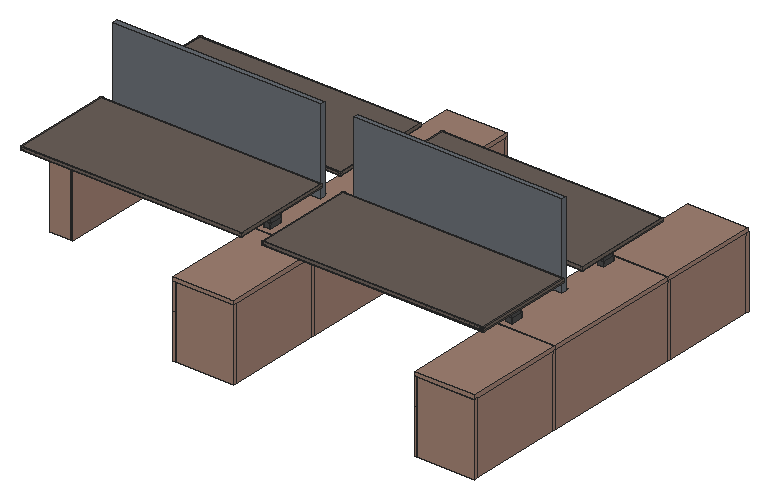
Revit family "T200195", category Furniture, Revit 2015
Parameters (values of type "T200195")
  URL = "https://ofs.com/"
  Staks Wire Manager = OFS STAKS PET Wire Manager Material
  Staks Height Worksurface Edge = OFS STAKS Edge Material
  Staks Height  Worksurface Venner = OFS STAKS Surface Material
  Staks Height  Worksurface 3d Laminate = OFS STAKS Laminate Material
  Staks Fabric Privacy Panel = OFS STAKS Tackable Fabric
  Staks Cross Surface = OFS STAKS Wood Grain Laminate Material
  Staks Cross Power Block Casing = OFS STAKS Power Block Casing Material
  Staks Cross Power Block = OFS STAKS Power Block Material
  Staks Cross Metal Conduit = OFS STAKS Power Jumper Conduit Material
  Staks Cross Duplex Receptacle = OFS STAKS Power Jumper Connector Material
  Staks Cross Bracket = OFS STAKS Power Jumper Connector Material
  Staks Box File top Material = OFS STAKS Board Material
  Staks Box File Leg Caps = OFS STAKS Leg Caps Material
  Staks Box File Drawer Handle = OFS STAKS Drawer Handle Metal
  Staks Box File Column = OFS STAKS Column Material
  Staks Box File Board = OFS STAKS Board Material
  Model = "T200195"
  Manufacturer = "OFS"
  Description = "OFS TYPICAL T200195"
  Copyright © = "©OFS 2020"
  Catalog = "https://ofs.com/2020-experience"
  Authoring Version = "Autodesk Revit Architecture 2015"
  Assembly Code = "E2020400"
Reference planes (in)
  plane 1 "Center Front/Back": y = 0
  plane 2: z = 0
  plane 3 "Center Left/Right": x = 0
Dimensions and locks (in)
  aligned and locked: level to plane 2
Nested families (in)
  nested 1: "STAKS BOX-FILE-OPEN SHELVES FLOOR STORAGE Left 30-36" at (80.92693, 31.25018, 0) x (0, -1, 0) z (0, 0, 1), type "STAKS BOX-FILE-OPEN SHELVES FLOOR STORAGE Left, 30in"
    with Table Height 27.75"
  nested 2: "STAKS BOX-FILE-OPEN SHELVES FLOOR STORAGE Left 30-36" at (8.92693, 31.25018, 0) x (0, -1, 0) z (0, 0, 1), type "STAKS BOX-FILE-OPEN SHELVES FLOOR STORAGE Left, 30in"
    with Table Height 27.75"
  nested 3: "STAKS BOX-FILE-OPEN SHELVES FLOOR STORAGE Right 30-36" at (8.92693, -40.74982, 0) x (0, -1, 0) z (0, 0, 1), type "STAKS BOX-FILE-OPEN SHELVES FLOOR STORAGE Right, 30in"
    with Table Height 27.75"
  nested 4: "STAKS BOX-FILE-OPEN SHELVES FLOOR STORAGE Right 30-36" at (80.92693, -40.74982, 0) x (0, -1, 0) z (0, 0, 1), type "STAKS BOX-FILE-OPEN SHELVES FLOOR STORAGE Right, 30in"
    with Table Height 27.75"
  nested 5: "STAKS HEIGHT ADJUSTABLE WORK GROUP PANEL BASE Dual User" at (-70.02705, -0.46731, 0) x (0, 1, 0) z (0, 0, 1), type "STAKS HEIGHT ADJUSTABLE WORK GROUP PANEL BASE Dual User"
    with Table Height 27.75"
  nested 6: "STAKS HEIGHT ADJUSTABLE WORK GROUP CABINET Dual User" at (80.92693, -0.49982, 0) x (0, -1, 0) z (0, 0, 1), type "STAKS HEIGHT ADJUSTABLE WORK GROUP CABINET Dual User"
    with Table Height 27.75"
  nested 7: "STAKS HEIGHT ADJUSTABLE WORK GROUP CABINET Double Sided Dual User" at (-9.07307, -0.49982, 0) x (0, 1, 0) z (0, 0, 1), type "STAKS HEIGHT ADJUSTABLE WORK GROUP CABINET Double Sided Dual User"
    with Table Height 27.75"
  nested 8: "STAKS FABRIC PRIVACY PANEL Tackable" at (-36.07307, -0.78116, 0.61875), type "STAKS FABRIC PRIVACY PANEL Tackable for 66in Worksurfaces."
    with Width 62.00"
  nested 9: "STAKS FABRIC PRIVACY PANEL Tackable" at (35.92692, -0.78116, 0.61875) x (-1, 0, 0) z (0, 0, 1), type "STAKS FABRIC PRIVACY PANEL Tackable for 66in Worksurfaces."
    with Width 62.00"
  nested 10: "STAKS HEIGHT ADJUSTABLE WORKSURFACE" at (-36.07141, -18.49811, 8), type "STAKS HEIGHT ADJUSTABLE WORKSURFACE 66x30"
    with PVC Edge yes, Height 21.00", 3D Laminate no
  nested 11: "STAKS HEIGHT ADJUSTABLE WORKSURFACE" at (36.07141, -18.49811, 8) x (-1, 0, 0) z (0, 0, 1), type "STAKS HEIGHT ADJUSTABLE WORKSURFACE 66x30"
    with PVC Edge yes, Height 21.00", 3D Laminate no
  nested 12: "STAKS HEIGHT ADJUSTABLE WORKSURFACE" at (-36.07141, 18.49811, 8), type "STAKS HEIGHT ADJUSTABLE WORKSURFACE 66x30"
    with PVC Edge yes, Height 21.00", 3D Laminate no
  nested 13: "STAKS HEIGHT ADJUSTABLE WORKSURFACE" at (36.07141, 18.49811, 8) x (-1, 0, 0) z (0, 0, 1), type "STAKS HEIGHT ADJUSTABLE WORKSURFACE 66x30"
    with PVC Edge yes, Height 21.00", 3D Laminate no
  nested 14: "STAKS CROSS RAIL BASIC POWER Double Sided Three Circuit" at (-36.07307, -0.00189, 1), type "STAKS CROSS RAIL BASIC POWER Double Sided Three Circuit 66in"
  nested 15: "STAKS CROSS RAIL BASIC POWER Double Sided Three Circuit" at (36.07307, -0.00189, 1) x (-1, 0, 0) z (0, 0, 1), type "STAKS CROSS RAIL BASIC POWER Double Sided Three Circuit 66in"
  nested 16: "STAKS PET WIRE MANAGER to Underside of Cross Rail" at (-36.07307, 0, 1.04402), type "STAKS PET WIRE MANAGER to Underside of Cross Rail 44in"
    with Height Above Floor 20.00"
  nested 17: "STAKS PET WIRE MANAGER to Underside of Cross Rail" at (36.07307, 0, 1.04402) x (-1, 0, 0) z (0, 0, 1), type "STAKS PET WIRE MANAGER to Underside of Cross Rail 44in"
    with Height Above Floor 20.00"
Definition of nested family "STAKS BOX-FILE-OPEN SHELVES FLOOR STORAGE Left 30-36"
  Parameters (values of type "STAKS BOX-FILE-OPEN SHELVES FLOOR STORAGE Left, 30in")
    Width = 30.00"
    URL = "http://ofs.com"
    Top Material = none
    Top Board Back Offset = 0.00"
    Table Height [instance] = 27.75"
    Shelf Height = 13.86625"
    Drawers Width = 14.00"
    Drawer Handle Material = none
    Drawer Gap = 0.0625"
    Depth = 18.00"
    Column Plate Thickness = 2.00"
    Column Material = none
    Box Width = 7.00"
    Board Thick Top = 1.125"
    Board Thick Door = 0.75"
    Board Material = none
    Model = "6-3018FSL1"
    Manufacturer = "OFS"
    Leg Caps Material = none
    Leg Offset = 2.00"
    Board Thick Internal = 0.75"
    Height = 23.00"
    Description = "OFS STAKS BOX-FILE-OPEN SHELVES FLOOR STORAGE Left, 30\" Width, One Box Drawer, One File Drawer, One Adjustable Shelf"
    Copyright © = "© OFS 2018"
    Catalog = "https://ofs.com/products/open-plan/benching/staks"
    Bottom Board Offset = 0.50"
    Board Thick Bot = 1.00"
    Board Thick Sides = 0.75"
    Board Thick Front = 0.75"
    Board Thick Back = 0.75"
    Authoring Version = "Autodesk Revit Architecture 2013"
    Assembly Code = "E2020200"
  Types (2): name | Width | Model | Description
    STAKS BOX-FILE-OPEN SHELVES FLOOR STORAGE Left, 30in | 30.00" | "6-3018FSL1" | "OFS STAKS BOX-FILE-OPEN SHELVES FLOOR STORAGE Left, 30\" Width, One Box Drawer, One File Drawer, One Adjustable Shelf"
    STAKS BOX-FILE-OPEN SHELVES FLOOR STORAGE Left, 36in | 36.00" | "6-3618FSL1" | "OFS STAKS BOX-FILE-OPEN SHELVES FLOOR STORAGE Left, 36\" Width, One Box Drawer, One File Drawer, One Adjustable Shelf"
  Reference planes (in)
    plane 1 "Center Front/Back": y = 0
    plane 2: z = 0
    plane 3 "Front End": y = -17.25
    plane 4 "Right End": x = 10.75
    plane 5 "Back End": y = 0
    plane 6 "Height Top": z = 23
    plane 7: x = 10
    plane 8: z = 21.875
    plane 9: z = 0.5
    plane 10: z = 1.5
    plane 11: y = -16.5
    plane 12: x = 8.75
    plane 13: y = -18
    plane 14: y = -0.75
    plane 15: y = 0
    plane 16: z = 13.86625
    plane 17: z = 13.11625
    plane 18: z = 13.92875
    plane 19 "Center Left Right": x = -4.25
    plane 20: x = -18.5
    plane 21: x = -3.75
    plane 22: x = -4.5
    plane 23: x = -19.25
    plane 24: x = -17.25
    plane 25: x = -14.5
    plane 26: x = -8.5
    plane 27: x = -8.875
    plane 28: x = -14.125
  Forms (in)
    Extrusion 1, solid, material <- "Board Material"
      sketch origin (0, 0, 0) x (-1, 0, 0) y (0, -1, 0)
        loop
          line (-10.75, 0) -> (-10, 0) -> (-10, 17.25) -> (-10.75, 17.25) -> (-10.75, 0)
      from 0.5 to 21.875
    Extrusion 2, solid, material <- "Board Material"
      sketch origin (0, 0, 0) x (1, 0, 0) y (0, 1, 0)
        loop
          line (-18.5, -0.75) -> (-18.5, -17.25) -> (10, -17.25) -> (10, -0.75) -> (-18.5, -0.75)
      from 0.5 to 1.5
    Extrusion 3, solid, material <- "Top Material"
      sketch origin (0, 0, 0) x (1, 0, 0) y (0, 1, 0)
        loop
          line (-19.25, 0) -> (-19.25, -18) -> (10.75, -18) -> (10.75, 0) -> (-19.25, 0)
      from 21.875 to 23
    Extrusion 4, solid, material <- "Board Material"
      sketch origin (0, 27.875, 0) x (1, 0, 0) y (0, 1, 0)
        loop
          line (-18.5, -27.875) -> (-18.5, -28.625) -> (10, -28.625) -> (10, -27.875) -> (-18.5, -27.875)
      from 0.5 to 21.875
    Revolve 5, solid, material <- "Leg Caps Material"
      sketch origin (-17.27629, -3.5, 0) x (-1, 0, 0) y (0, 0, -1)
        loop
          line (-26.02629, -0.5) -> (-25.83829, -0.5) -> (-25.83829, 0) -> (-26.21329, 0) -> (-26.21329, -0.12502)
          arc (-26.21329, -0.12502) -> (-26.17668, -0.2134) -> (-26.08831, -0.25) r 0.12498
          line (-26.08831, -0.25) -> (-26.02629, -0.25) -> (-26.02629, -0.5)
        axis (-25.83829, 0) -> (-25.83829, -0.5)
      angle from 0 to 360
    Revolve 6, solid, material <- "Leg Caps Material"
      sketch origin (-7.02629, -14.5, 0) x (-1, 0, 0) y (0, 0, 1)
        loop
          line (-15.77629, 0.5) -> (-15.77629, 0.25) -> (-15.83831, 0.25)
          arc (-15.83831, 0.25) -> (-15.92668, 0.2134) -> (-15.96329, 0.12502) r 0.12498
          line (-15.96329, 0.12502) -> (-15.96329, 0) -> (-15.58829, 0) -> (-15.58829, 0.5) -> (-15.77629, 0.5)
        axis (-15.58829, 0) -> (-15.58829, 0.5)
      angle from 0 to 360
    Extrusion 7, solid, material <- "Board Material"
      sketch origin (-29.25, 0, 0) x (-1, 0, 0) y (0, -1, 0)
        loop
          line (-10.75, 0) -> (-10, 0) -> (-10, 17.25) -> (-10.75, 17.25) -> (-10.75, 0)
      from 0.5 to 21.875
    Extrusion 8, solid, material <- "Board Material"
      sketch origin (-14.875, 0, 0) x (-1, 0, 0) y (0, -1, 0)
        loop
          line (-11.125, 0.75) -> (-10.375, 0.75) -> (-10.375, 17.25) -> (-11.125, 17.25) -> (-11.125, 0.75)
      from 1.5 to 21.875
    Revolve 9, solid, material <- "Leg Caps Material"
      sketch origin (2.40129, -3.5, 0) x (1, 0, 0) y (0, 0, 1)
        loop
          line (-19.65129, 0.5) -> (-19.65129, 0.25) -> (-19.71331, 0.25)
          arc (-19.71331, 0.25) -> (-19.80168, 0.2134) -> (-19.83829, 0.12502) r 0.12498
          line (-19.83829, 0.12502) -> (-19.83829, 0) -> (-19.46329, 0) -> (-19.46329, 0.5) -> (-19.65129, 0.5)
        axis (-19.46329, 0) -> (-19.46329, 0.5)
      angle from 0 to 360
    Revolve 10, solid, material <- "Leg Caps Material"
      sketch origin (-2.22371, -14.5, 0) x (1, 0, 0) y (0, 0, -1)
        loop
          line (-15.02629, -0.5) -> (-14.83829, -0.5) -> (-14.83829, 0) -> (-15.21329, 0) -> (-15.21329, -0.12502)
          arc (-15.21329, -0.12502) -> (-15.17668, -0.2134) -> (-15.08831, -0.25) r 0.12498
          line (-15.08831, -0.25) -> (-15.02629, -0.25) -> (-15.02629, -0.5)
        axis (-14.83829, 0) -> (-14.83829, -0.5)
      angle from 0 to 360
    Revolve 11, solid, material <- "Leg Caps Material"
      sketch origin (21.08829, -3.5, 0) x (1, 0, 0) y (0, 0, 1)
        loop
          line (-25.40129, 0.5) -> (-25.40129, 0.25) -> (-25.46331, 0.25)
          arc (-25.46331, 0.25) -> (-25.55168, 0.2134) -> (-25.58829, 0.12502) r 0.12498
          line (-25.58829, 0.12502) -> (-25.58829, 0) -> (-25.21329, 0) -> (-25.21329, 0.5) -> (-25.40129, 0.5)
        axis (-25.21329, 0) -> (-25.21329, 0.5)
      angle from 0 to 360
    Revolve 12, solid, material <- "Leg Caps Material"
      sketch origin (16.46329, -14.5, 0) x (1, 0, 0) y (0, 0, -1)
        loop
          line (-20.77629, -0.5) -> (-20.58829, -0.5) -> (-20.58829, 0) -> (-20.96329, 0) -> (-20.96329, -0.12502)
          arc (-20.96329, -0.12502) -> (-20.92668, -0.2134) -> (-20.83831, -0.25) r 0.12498
          line (-20.83831, -0.25) -> (-20.77629, -0.25) -> (-20.77629, -0.5)
        axis (-20.58829, 0) -> (-20.58829, -0.5)
      angle from 0 to 360
    Extrusion 13, solid, material <- "Board Material"
      sketch origin (-9.66893, 0, 0) x (-1, 0, 0) y (0, -1, 0)
        loop
          line (9.58107, 17.25) -> (9.58107, 18) -> (-5.91893, 18) -> (-5.91893, 17.25) -> (9.58107, 17.25)
      from 0.5 to 13.86625
    Extrusion 14, solid, material <- "Board Material"
      sketch origin (-11.49697, 0, 14.88819) x (-1, 0, 0) y (0, -1, 0)
        loop
          line (7.75303, 17.25) -> (7.75303, 18) -> (-7.74697, 18) -> (-7.74697, 17.25) -> (7.75303, 17.25)
      from -0.95944 to 6.98681
    Extrusion 15, solid, material <- "Drawer Handle Material"
      sketch origin (27.25, 0, 0) x (1, 0, 0) y (0, 1, 0)
        loop
          line (-35.75, -18.875) -> (-35.75, -18) -> (-36.125, -18) -> (-36.125, -18.6875) -> (-41.375, -18.6875) -> (-41.375, -18) -> (-41.75, -18) -> (-41.75, -18.875) -> (-35.75, -18.875)
      from 20.19685 to 20.6656
    Extrusion 16, solid, material <- "Drawer Handle Material"
      sketch origin (27.25, 0, -7) x (1, 0, 0) y (0, 1, 0)
        loop
          line (-35.75, -18.875) -> (-35.75, -18) -> (-36.125, -18) -> (-36.125, -18.6875) -> (-41.375, -18.6875) -> (-41.375, -18) -> (-41.75, -18) -> (-41.75, -18.875) -> (-35.75, -18.875)
      from 20.19685 to 20.6656
    Extrusion 17, solid, material <- "Board Material"
      sketch origin (15.75, 0, 0) x (1, 0, 0) y (0, 0, 1)
        loop
          line (-19.5, 13.86625) -> (-19.5, 13.11625) -> (-5.75, 13.11625) -> (-5.75, 13.86625) -> (-19.5, 13.86625)
      from 0.75 to 17.25
  Dimensions and locks (in)
    "Height": plane 6 "Height Top" to level
    "Board Thick Sides": plane 7 to plane 4 "Right End"
    "Board Thick Top": plane 6 "Height Top" to plane 8
    "Board Thick Bot": plane 10 to plane 9
    "Bottom Board Offset": plane 9 to level
    "Board Thick Front": plane 11 to plane 3 "Front End"
    "Leg Offset": plane 12 to plane 4 "Right End"
    "Board Thick Door": plane 13 to plane 3 "Front End"
    "Board Thick Back": plane 14 to plane 1 "Center Front/Back"
    "Depth": plane 13 to plane 1 "Center Front/Back"
    "Top Board Back Offset": plane 15 to plane 5 "Back End"
    "Board Thick Internal": plane 16 to plane 17
    "Shelf Height": plane 16 to level
    "Drawer Gap": plane 18 to plane 16
    equal spacing: plane 23, plane 19 "Center Left Right", plane 4 "Right End"
    "Width": plane 4 "Right End" to plane 23
    "Board Thick Internal": plane 21 to plane 22
    "Board Thick Sides": plane 23 to plane 20
    "Drawers Width": plane 20 to plane 22
    "Leg Offset": plane 24 to plane 23
    locked: plane 20 to plane 25 at 4
    locked: plane 26 to plane 22 at 4
    locked: plane 27 to plane 26 at 0.375
    locked: plane 25 to plane 28 at 0.375
    aligned and locked: level to plane 2
    aligned and locked: plane 7 to Extrusion 1
    aligned and locked: Extrusion 1 to plane 4 "Right End"
    aligned and locked: Extrusion 1 to plane 9
    aligned and locked: plane 7 to Extrusion 2 sketch curve
    aligned and locked: Extrusion 4 to plane 9
    aligned and locked: plane 8 to Extrusion 4
    aligned and locked: plane 8 to Extrusion 1
    aligned and locked: Extrusion 3 to plane 13
    aligned and locked: Extrusion 3 to plane 4 "Right End"
    aligned and locked: plane 6 "Height Top" to Extrusion 3
    aligned and locked: Extrusion 3 to plane 8
    aligned and locked: Extrusion 4 to plane 14
    aligned and locked: Extrusion 4 to plane 1 "Center Front/Back"
    aligned and locked: Extrusion 3 to plane 15
    aligned and locked: Extrusion 1 to plane 3 "Front End"
    aligned and locked: plane 12 to Revolve 5
    aligned and locked: plane 20 to Extrusion 7 sketch curve
    aligned and locked: plane 23 to Extrusion 7
    aligned and locked: plane 23 to Extrusion 3
    aligned and locked: plane 20 to Extrusion 2
    aligned and locked: Extrusion 7 to plane 9
    aligned and locked: Extrusion 7 to plane 5 "Back End"
    aligned and locked: plane 20 to Extrusion 4
    aligned and locked: Extrusion 4 to plane 7
    aligned and locked: Extrusion 1 to plane 5 "Back End"
    aligned and locked: plane 23 to Extrusion 14
    aligned and locked: plane 23 to Extrusion 13
    aligned and locked: plane 21 to Extrusion 14
    aligned and locked: plane 21 to Extrusion 13
    aligned and locked: Extrusion 15 to plane 25
    aligned and locked: Extrusion 16 to plane 25
    aligned and locked: Extrusion 15 to plane 28
    aligned and locked: Extrusion 16 to plane 28
    aligned and locked: Extrusion 15 to plane 27
    aligned and locked: Extrusion 16 to plane 27
    aligned and locked: Extrusion 15 to plane 26
    aligned and locked: Extrusion 16 to plane 26
    aligned and locked: plane 13 to Extrusion 13
    aligned and locked: plane 3 "Front End" to Extrusion 13
    aligned and locked: plane 13 to Extrusion 14
    aligned and locked: plane 3 "Front End" to Extrusion 14
    aligned and locked: plane 8 to Extrusion 14
    aligned and locked: Extrusion 14 to plane 18
    aligned and locked: Extrusion 13 to plane 16
    aligned and locked: Extrusion 13 to plane 9
    aligned and locked: Extrusion 17 to plane 21
    aligned and locked: Extrusion 17 to plane 7
    aligned and locked: Extrusion 17 to plane 16
    aligned and locked: plane 17 to Extrusion 17
  Automatic sketch dimensions
    Extrusion 1 sketch curve to plane 3 "Front End" = 0.00"
    Extrusion 1 sketch curve to plane 4 "Right End" = 0.00"
    Extrusion 1 sketch curve to plane 7 = 0.00"
    plane 1 "Center Front/Back" to Extrusion 1 sketch curve = 0.00"
    Extrusion 2 sketch curve to plane 3 "Front End" = 0.00"
    Extrusion 2 sketch curve to plane 20 = 0.00"
    Extrusion 2 sketch curve to plane 14 = 0.00"
    Extrusion 3 sketch curve to plane 13 = 0.00"
    Extrusion 3 sketch curve to plane 23 = 0.00"
    Extrusion 3 sketch curve to plane 4 "Right End" = 0.00"
    plane 1 "Center Front/Back" to Extrusion 3 sketch curve = 0.00"
    Extrusion 4 sketch curve to plane 14 = 0.00"
    Extrusion 4 sketch curve to plane 20 = 0.00"
    Extrusion 4 sketch curve to plane 7 = 0.00"
    plane 1 "Center Front/Back" to Extrusion 4 sketch curve = 0.00"
    Revolve 5 sketch curve to level = 0.00"
    plane 12 to Revolve 5 sketch curve = 0.00"
    Revolve 5 sketch curve to plane 9 = 0.00"  (x2)
    level to Revolve 5 sketch curve = 0.25"
    Revolve 5 sketch curve to Revolve 5 sketch curve = 0.06202"
    Revolve 5 sketch curve to Revolve 5 sketch curve = 0.12498"
    plane 12 to Revolve 5 sketch curve = 0.188"  (x2)
    plane 9 to Revolve 5 sketch curve = 0.25"
    Revolve 6 sketch curve to level = 0.00"
    plane 12 to Revolve 6 sketch curve = 0.00"
    Revolve 6 sketch curve to plane 9 = 0.00"  (x2)
    level to Revolve 6 sketch curve = 0.12502"
    Revolve 6 sketch curve to plane 12 = 0.06202"
    Revolve 6 sketch curve to Revolve 6 sketch curve = 0.12498"
    plane 12 to Revolve 6 sketch curve = 0.188"  (x2)
    plane 9 to Revolve 6 sketch curve = 0.25"
    Extrusion 7 sketch curve to plane 3 "Front End" = 0.00"
    Extrusion 7 sketch curve to plane 23 = 0.00"
    plane 1 "Center Front/Back" to Extrusion 7 sketch curve = 0.00"
    Extrusion 8 sketch curve to plane 3 "Front End" = 0.00"
    Extrusion 8 sketch curve to plane 21 = 0.00"
    Extrusion 8 sketch curve to plane 22 = 0.00"
    Extrusion 8 sketch curve to plane 14 = 0.00"
    Revolve 9 sketch curve to level = 0.00"
    Revolve 9 sketch curve to plane 24 = 0.00"
    Revolve 9 sketch curve to plane 9 = 0.00"  (x2)
    level to Revolve 9 sketch curve = 0.12502"
    Revolve 9 sketch curve to plane 24 = 0.06202"
    Revolve 9 sketch curve to Revolve 9 sketch curve = 0.12498"
    plane 24 to Revolve 9 sketch curve = 0.188"  (x2)
    plane 9 to Revolve 9 sketch curve = 0.25"
    Revolve 10 sketch curve to level = 0.00"
    Revolve 10 sketch curve to plane 24 = 0.00"
    Revolve 10 sketch curve to plane 9 = 0.00"  (x2)
    level to Revolve 10 sketch curve = 0.25"
    Revolve 10 sketch curve to plane 24 = 0.06202"
    Revolve 10 sketch curve to Revolve 10 sketch curve = 0.12498"
    plane 24 to Revolve 10 sketch curve = 0.188"  (x2)
    plane 9 to Revolve 10 sketch curve = 0.25"
    Revolve 11 sketch curve to plane 22 = 0.00"
    Revolve 11 sketch curve to plane 9 = 0.00"  (x2)
    Revolve 11 sketch curve to level = 0.00"
    level to Revolve 11 sketch curve = 0.12502"
    plane 22 to Revolve 11 sketch curve = 0.12498"
    Revolve 11 sketch curve to Revolve 11 sketch curve = 0.06202"
    Revolve 11 sketch curve to Revolve 11 sketch curve = 0.25002"
    Revolve 11 sketch curve to Revolve 11 sketch curve = 0.00"
    plane 9 to Revolve 11 sketch curve = 0.25"
    Revolve 12 sketch curve to plane 22 = 0.00"
    Revolve 12 sketch curve to plane 9 = 0.00"  (x2)
    Revolve 12 sketch curve to level = 0.00"
    level to Revolve 12 sketch curve = 0.25"
    plane 22 to Revolve 12 sketch curve = 0.12498"
    Revolve 12 sketch curve to Revolve 12 sketch curve = 0.06202"
    Revolve 12 sketch curve to Revolve 12 sketch curve = 0.25002"
    Revolve 12 sketch curve to Revolve 12 sketch curve = 0.00"
    plane 9 to Revolve 12 sketch curve = 0.25"
    Extrusion 13 sketch curve to plane 3 "Front End" = 0.00"
    Extrusion 13 sketch curve to plane 21 = 0.00"
    Extrusion 13 sketch curve to plane 13 = 0.00"
    Extrusion 13 sketch curve to plane 23 = 0.00"
    Extrusion 14 sketch curve to plane 3 "Front End" = 0.00"
    Extrusion 14 sketch curve to plane 21 = 0.00"
    Extrusion 14 sketch curve to plane 13 = 0.00"
    Extrusion 14 sketch curve to plane 23 = 0.00"
    Extrusion 15 sketch curve to plane 13 = 0.00"
    Extrusion 15 sketch curve to plane 25 = 0.00"
    Extrusion 15 sketch curve to plane 28 = 0.00"
    Extrusion 15 sketch curve to plane 27 = 0.00"
    plane 13 to Extrusion 15 sketch curve = 0.00"
    Extrusion 15 sketch curve to plane 26 = 0.00"
    plane 13 to Extrusion 15 sketch curve = 0.875"
    Extrusion 15 sketch curve to Extrusion 15 sketch curve = 0.1875"
    Extrusion 16 sketch curve to plane 13 = 0.00"
    Extrusion 16 sketch curve to plane 25 = 0.00"
    Extrusion 16 sketch curve to plane 28 = 0.00"
    Extrusion 16 sketch curve to plane 27 = 0.00"
    plane 13 to Extrusion 16 sketch curve = 0.00"
    Extrusion 16 sketch curve to plane 26 = 0.00"
    plane 13 to Extrusion 16 sketch curve = 0.875"
    Extrusion 16 sketch curve to Extrusion 16 sketch curve = 0.1875"
    Extrusion 17 sketch curve to plane 17 = 0.00"
    Extrusion 17 sketch curve to plane 16 = 0.00"
    plane 21 to Extrusion 17 sketch curve = 0.00"
    Extrusion 17 sketch curve to plane 12 = 1.25"
Definition of nested family "STAKS BOX-FILE-OPEN SHELVES FLOOR STORAGE Right 30-36"
  Parameters (values of type "STAKS BOX-FILE-OPEN SHELVES FLOOR STORAGE Right, 30in")
    Width = 30.00"
    URL = "http://ofs.com"
    Top Material = none
    Top Board Back Offset = 0.00"
    Table Height [instance] = 27.75"
    Shelf Height = 13.86625"
    Drawers Width = 14.00"
    Drawer Handle Material = none
    Drawer Gap = 0.0625"
    Depth = 18.00"
    Column Plate Thickness = 2.00"
    Column Material = none
    Box Width = 7.00"
    Board Thick Top = 1.125"
    Board Thick Door = 0.75"
    Board Material = none
    Model = "6-3018FSR1"
    Manufacturer = "OFS"
    Leg Caps Material = none
    Leg Offset = 2.00"
    Board Thick Internal = 0.75"
    Height = 23.00"
    Description = "OFS STAKS BOX-FILE-OPEN SHELVES FLOOR STORAGE Right, 30\" Width, One Box Drawer, One File Drawer, One Adjustable Shelf"
    Copyright © = "© OFS 2018"
    Catalog = "https://ofs.com/products/open-plan/benching/staks"
    Bottom Board Offset = 0.50"
    Board Thick Bot = 1.00"
    Board Thick Sides = 0.75"
    Board Thick Front = 0.75"
    Board Thick Back = 0.75"
    Authoring Version = "Autodesk Revit Architecture 2013"
    Assembly Code = "E2020200"
  Types (2): name | Width | Model | Description
    STAKS BOX-FILE-OPEN SHELVES FLOOR STORAGE Right, 30in | 30.00" | "6-3018FSR1" | "OFS STAKS BOX-FILE-OPEN SHELVES FLOOR STORAGE Right, 30\" Width, One Box Drawer, One File Drawer, One Adjustable Shelf"
    STAKS BOX-FILE-OPEN SHELVES FLOOR STORAGE Right, 36in | 36.00" | "6-3618FSR1" | "OFS STAKS BOX-FILE-OPEN SHELVES FLOOR STORAGE Right, 36\" Width, One Box Drawer, One File Drawer, One Adjustable Shelf"
  Reference planes (in)
    plane 1 "Center Front/Back": y = 0
    plane 2: z = 0
    plane 3 "Front End": y = -17.25
    plane 4 "Right End": x = 10.75
    plane 5 "Back End": y = 0
    plane 6 "Height Top": z = 23
    plane 7: x = 10
    plane 8: z = 21.875
    plane 9: z = 0.5
    plane 10: z = 1.5
    plane 11: y = -16.5
    plane 12: x = 8.75
    plane 13: y = -18
    plane 14: y = -0.75
    plane 15: y = 0
    plane 16: z = 13.86625
    plane 17: z = 13.11625
    plane 18: z = 13.92875
    plane 19 "Center Left Right": x = -4.25
    plane 20: x = -18.5
    plane 21: x = -4
    plane 22: x = -4.75
    plane 23: x = -19.25
    plane 24: x = -17.25
    plane 25: x = 6
    plane 26: x = 5.625
    plane 27: x = 0
    plane 28: x = 0.375
    plane 29: x = -14.5
    plane 30: x = -8.75
    plane 31: x = -9.125
    plane 32: x = -14.125
  Forms (in)
    Extrusion 1, solid, material <- "Board Material"
      sketch origin (0, 0, 0) x (-1, 0, 0) y (0, -1, 0)
        loop
          line (-10.75, 0) -> (-10, 0) -> (-10, 17.25) -> (-10.75, 17.25) -> (-10.75, 0)
      from 0.5 to 21.875
    Extrusion 2, solid, material <- "Board Material"
      sketch origin (0, 0, 0) x (1, 0, 0) y (0, 1, 0)
        loop
          line (-18.5, -0.75) -> (-18.5, -17.25) -> (10, -17.25) -> (10, -0.75) -> (-18.5, -0.75)
      from 0.5 to 1.5
    Extrusion 3, solid, material <- "Top Material"
      sketch origin (0, 0, 0) x (1, 0, 0) y (0, 1, 0)
        loop
          line (-19.25, 0) -> (-19.25, -18) -> (10.75, -18) -> (10.75, 0) -> (-19.25, 0)
      from 21.875 to 23
    Extrusion 4, solid, material <- "Board Material"
      sketch origin (0, 27.875, 0) x (1, 0, 0) y (0, 1, 0)
        loop
          line (-18.5, -27.875) -> (-18.5, -28.625) -> (10, -28.625) -> (10, -27.875) -> (-18.5, -27.875)
      from 0.5 to 21.875
    Revolve 5, solid, material <- "Leg Caps Material"
      sketch origin (-17.27629, -3.5, 0) x (-1, 0, 0) y (0, 0, -1)
        loop
          line (-26.02629, -0.5) -> (-25.83829, -0.5) -> (-25.83829, 0) -> (-26.21329, 0) -> (-26.21329, -0.12502)
          arc (-26.21329, -0.12502) -> (-26.17668, -0.2134) -> (-26.08831, -0.25) r 0.12498
          line (-26.08831, -0.25) -> (-26.02629, -0.25) -> (-26.02629, -0.5)
        axis (-25.83829, 0) -> (-25.83829, -0.5)
      angle from 0 to 360
    Revolve 6, solid, material <- "Leg Caps Material"
      sketch origin (-7.02629, -14.5, 0) x (-1, 0, 0) y (0, 0, 1)
        loop
          line (-15.77629, 0.5) -> (-15.77629, 0.25) -> (-15.83831, 0.25)
          arc (-15.83831, 0.25) -> (-15.92668, 0.2134) -> (-15.96329, 0.12502) r 0.12498
          line (-15.96329, 0.12502) -> (-15.96329, 0) -> (-15.58829, 0) -> (-15.58829, 0.5) -> (-15.77629, 0.5)
        axis (-15.58829, 0) -> (-15.58829, 0.5)
      angle from 0 to 360
    Extrusion 7, solid, material <- "Board Material"
      sketch origin (-29.25, 0, 0) x (-1, 0, 0) y (0, -1, 0)
        loop
          line (-10.75, 0) -> (-10, 0) -> (-10, 17.25) -> (-10.75, 17.25) -> (-10.75, 0)
      from 0.5 to 21.875
    Extrusion 8, solid, material <- "Board Material"
      sketch origin (7.66893, 0, 0) x (1, 0, 0) y (0, 1, 0)
        loop
          line (3.08107, -17.25) -> (-12.41893, -17.25) -> (-12.41893, -18) -> (3.08107, -18) -> (3.08107, -17.25)
      from 0.5 to 13.86625
    Extrusion 9, solid, material <- "Board Material"
      sketch origin (-14.875, 0, 0) x (-1, 0, 0) y (0, -1, 0)
        loop
          line (-10.875, 0.75) -> (-10.125, 0.75) -> (-10.125, 17.25) -> (-10.875, 17.25) -> (-10.875, 0.75)
      from 1.5 to 21.875
    Extrusion 10, solid, material <- "Board Material"
      sketch origin (-29.25, 0, 0) x (-1, 0, 0) y (0, 0, -1)
        loop
          line (-24.5, -13.86625) -> (-10.75, -13.86625) -> (-10.75, -13.11625) -> (-24.5, -13.11625) -> (-24.5, -13.86625)
      from 0.75 to 17.25
    Extrusion 11, solid, material <- "Board Material"
      sketch origin (9.49697, 0, 14.88819) x (1, 0, 0) y (0, 1, 0)
        loop
          line (1.25303, -17.25) -> (-14.24697, -17.25) -> (-14.24697, -18) -> (1.25303, -18) -> (1.25303, -17.25)
      from -0.95944 to 6.98681
    Extrusion 12, solid, material <- "Drawer Handle Material"
      sketch origin (-29.25, 0, 0) x (-1, 0, 0) y (0, -1, 0)
        loop
          line (-29.25, 18.875) -> (-35.25, 18.875) -> (-35.25, 18) -> (-34.875, 18) -> (-34.875, 18.6875) -> (-29.625, 18.6875) -> (-29.625, 18) -> (-29.25, 18) -> (-29.25, 18.875)
      from 20.19685 to 20.6656
    Extrusion 13, solid, material <- "Drawer Handle Material"
      sketch origin (-29.25, 0, -7) x (-1, 0, 0) y (0, -1, 0)
        loop
          line (-29.25, 18.875) -> (-35.25, 18.875) -> (-35.25, 18) -> (-34.875, 18) -> (-34.875, 18.6875) -> (-29.625, 18.6875) -> (-29.625, 18) -> (-29.25, 18) -> (-29.25, 18.875)
      from 20.19685 to 20.6656
    Revolve 14, solid, material <- "Leg Caps Material"
      sketch origin (2.40129, -3.5, 0) x (1, 0, 0) y (0, 0, 1)
        loop
          line (-19.65129, 0.5) -> (-19.65129, 0.25) -> (-19.71331, 0.25)
          arc (-19.71331, 0.25) -> (-19.80168, 0.2134) -> (-19.83829, 0.12502) r 0.12498
          line (-19.83829, 0.12502) -> (-19.83829, 0) -> (-19.46329, 0) -> (-19.46329, 0.5) -> (-19.65129, 0.5)
        axis (-19.46329, 0) -> (-19.46329, 0.5)
      angle from 0 to 360
    Revolve 15, solid, material <- "Leg Caps Material"
      sketch origin (-2.22371, -14.5, 0) x (1, 0, 0) y (0, 0, -1)
        loop
          line (-15.02629, -0.5) -> (-14.83829, -0.5) -> (-14.83829, 0) -> (-15.21329, 0) -> (-15.21329, -0.12502)
          arc (-15.21329, -0.12502) -> (-15.17668, -0.2134) -> (-15.08831, -0.25) r 0.12498
          line (-15.08831, -0.25) -> (-15.02629, -0.25) -> (-15.02629, -0.5)
        axis (-14.83829, 0) -> (-14.83829, -0.5)
      angle from 0 to 360
    Revolve 16, solid, material <- "Leg Caps Material"
      sketch origin (21.08829, -3.5, 0) x (1, 0, 0) y (0, 0, 1)
        loop
          line (-25.65129, 0.5) -> (-25.65129, 0.25) -> (-25.71331, 0.25)
          arc (-25.71331, 0.25) -> (-25.80168, 0.2134) -> (-25.83829, 0.12502) r 0.12498
          line (-25.83829, 0.12502) -> (-25.83829, 0) -> (-25.46329, 0) -> (-25.46329, 0.5) -> (-25.65129, 0.5)
        axis (-25.46329, 0) -> (-25.46329, 0.5)
      angle from 0 to 360
    Revolve 17, solid, material <- "Leg Caps Material"
      sketch origin (16.46329, -14.5, 0) x (1, 0, 0) y (0, 0, -1)
        loop
          line (-21.02629, -0.5) -> (-20.83829, -0.5) -> (-20.83829, 0) -> (-21.21329, 0) -> (-21.21329, -0.12502)
          arc (-21.21329, -0.12502) -> (-21.17668, -0.2134) -> (-21.08831, -0.25) r 0.12498
          line (-21.08831, -0.25) -> (-21.02629, -0.25) -> (-21.02629, -0.5)
        axis (-20.83829, 0) -> (-20.83829, -0.5)
      angle from 0 to 360
  Dimensions and locks (in)
    "Height": plane 6 "Height Top" to level
    "Board Thick Sides": plane 7 to plane 4 "Right End"
    "Board Thick Top": plane 6 "Height Top" to plane 8
    "Board Thick Bot": plane 10 to plane 9
    "Bottom Board Offset": plane 9 to level
    "Board Thick Front": plane 11 to plane 3 "Front End"
    "Leg Offset": plane 12 to plane 4 "Right End"
    "Board Thick Door": plane 13 to plane 3 "Front End"
    "Board Thick Back": plane 14 to plane 1 "Center Front/Back"
    "Depth": plane 13 to plane 1 "Center Front/Back"
    "Top Board Back Offset": plane 15 to plane 5 "Back End"
    "Board Thick Internal": plane 16 to plane 17
    "Shelf Height": plane 16 to level
    "Drawer Gap": plane 18 to plane 16
    equal spacing: plane 23, plane 19 "Center Left Right", plane 4 "Right End"
    "Width": plane 4 "Right End" to plane 23
    "Board Thick Internal": plane 21 to plane 22
    "Board Thick Sides": plane 23 to plane 20
    "Drawers Width": plane 21 to plane 7
    "Leg Offset": plane 24 to plane 23
    locked: plane 25 to plane 7 at 4
    locked: plane 21 to plane 27 at 4
    locked: plane 26 to plane 25 at 0.375
    locked: plane 27 to plane 28 at 0.375
    locked: plane 20 to plane 29 at 4
    locked: plane 30 to plane 22 at 4
    locked: plane 31 to plane 30 at 0.375
    locked: plane 29 to plane 32 at 0.375
    aligned and locked: level to plane 2
    aligned and locked: plane 7 to Extrusion 1
    aligned and locked: Extrusion 1 to plane 4 "Right End"
    aligned and locked: Extrusion 1 to plane 9
    aligned and locked: plane 7 to Extrusion 2 sketch curve
    aligned and locked: Extrusion 4 to plane 9
    aligned and locked: plane 8 to Extrusion 4
    aligned and locked: plane 8 to Extrusion 1
    aligned and locked: Extrusion 3 to plane 13
    aligned and locked: Extrusion 3 to plane 4 "Right End"
    aligned and locked: plane 6 "Height Top" to Extrusion 3
    aligned and locked: Extrusion 3 to plane 8
    aligned and locked: Extrusion 4 to plane 14
    aligned and locked: Extrusion 4 to plane 1 "Center Front/Back"
    aligned and locked: Extrusion 3 to plane 15
    aligned and locked: Extrusion 1 to plane 3 "Front End"
    aligned and locked: plane 12 to Revolve 5
    aligned and locked: plane 20 to Extrusion 7 sketch curve
    aligned and locked: plane 22 to Extrusion 8
    aligned and locked: Extrusion 10 sketch curve to plane 20
    aligned and locked: Extrusion 10 sketch curve to plane 22
    aligned and locked: Extrusion 10 to Extrusion 8
    aligned and locked: plane 22 to Extrusion 11
    aligned and locked: plane 23 to Extrusion 7
    aligned and locked: plane 23 to Extrusion 3
    aligned and locked: plane 20 to Extrusion 2
    aligned and locked: Extrusion 7 to plane 9
    aligned and locked: Extrusion 12 to plane 25
    aligned and locked: Extrusion 13 to plane 25
    aligned and locked: plane 26 to Extrusion 12
    aligned and locked: plane 26 to Extrusion 13
    aligned and locked: Extrusion 12 to plane 28
    aligned and locked: Extrusion 13 to plane 28
    aligned and locked: Extrusion 12 to plane 27
    aligned and locked: Extrusion 13 to plane 27
    aligned and locked: Extrusion 7 to plane 5 "Back End"
    aligned and locked: plane 20 to Extrusion 4
    aligned and locked: Extrusion 4 to plane 7
    aligned and locked: Extrusion 1 to plane 5 "Back End"
  Automatic sketch dimensions
    Extrusion 1 sketch curve to plane 3 "Front End" = 0.00"
    Extrusion 1 sketch curve to plane 4 "Right End" = 0.00"
    Extrusion 1 sketch curve to plane 7 = 0.00"
    plane 1 "Center Front/Back" to Extrusion 1 sketch curve = 0.00"
    Extrusion 2 sketch curve to plane 3 "Front End" = 0.00"
    Extrusion 2 sketch curve to plane 20 = 0.00"
    Extrusion 2 sketch curve to plane 14 = 0.00"
    Extrusion 3 sketch curve to plane 13 = 0.00"
    Extrusion 3 sketch curve to plane 23 = 0.00"
    Extrusion 3 sketch curve to plane 4 "Right End" = 0.00"
    plane 1 "Center Front/Back" to Extrusion 3 sketch curve = 0.00"
    Extrusion 4 sketch curve to plane 14 = 0.00"
    Extrusion 4 sketch curve to plane 20 = 0.00"
    Extrusion 4 sketch curve to plane 7 = 0.00"
    plane 1 "Center Front/Back" to Extrusion 4 sketch curve = 0.00"
    Revolve 5 sketch curve to level = 0.00"
    plane 12 to Revolve 5 sketch curve = 0.00"
    Revolve 5 sketch curve to plane 9 = 0.00"  (x2)
    level to Revolve 5 sketch curve = 0.25"
    Revolve 5 sketch curve to plane 12 = 0.06202"
    Revolve 5 sketch curve to Revolve 5 sketch curve = 0.12498"
    plane 12 to Revolve 5 sketch curve = 0.188"  (x2)
    plane 9 to Revolve 5 sketch curve = 0.25"
    Revolve 6 sketch curve to level = 0.00"
    plane 12 to Revolve 6 sketch curve = 0.00"
    Revolve 6 sketch curve to plane 9 = 0.00"  (x2)
    level to Revolve 6 sketch curve = 0.12502"
    Revolve 6 sketch curve to plane 12 = 0.06202"
    Revolve 6 sketch curve to Revolve 6 sketch curve = 0.12498"
    plane 12 to Revolve 6 sketch curve = 0.188"  (x2)
    plane 9 to Revolve 6 sketch curve = 0.25"
    Extrusion 7 sketch curve to plane 3 "Front End" = 0.00"
    Extrusion 7 sketch curve to plane 23 = 0.00"
    plane 1 "Center Front/Back" to Extrusion 7 sketch curve = 0.00"
    Extrusion 8 sketch curve to plane 3 "Front End" = 0.00"
    Extrusion 8 sketch curve to plane 22 = 0.00"
    Extrusion 8 sketch curve to plane 4 "Right End" = 0.00"
    plane 13 to Extrusion 8 sketch curve = 0.00"
    Extrusion 9 sketch curve to plane 3 "Front End" = 0.00"
    Extrusion 9 sketch curve to plane 21 = 0.00"
    Extrusion 9 sketch curve to plane 22 = 0.00"
    Extrusion 9 sketch curve to plane 14 = 0.00"
    Extrusion 10 sketch curve to plane 16 = 0.00"
    Extrusion 10 sketch curve to plane 17 = 0.00"
    Extrusion 11 sketch curve to plane 3 "Front End" = 0.00"
    Extrusion 11 sketch curve to plane 22 = 0.00"
    Extrusion 11 sketch curve to plane 4 "Right End" = 0.00"
    plane 13 to Extrusion 11 sketch curve = 0.00"
    plane 13 to Extrusion 12 sketch curve = 0.00"  (x2)
    Extrusion 12 sketch curve to plane 25 = 0.00"
    Extrusion 12 sketch curve to plane 26 = 0.00"
    Extrusion 12 sketch curve to plane 28 = 0.00"
    Extrusion 12 sketch curve to plane 27 = 0.00"
    plane 13 to Extrusion 12 sketch curve = 0.6875"
    Extrusion 12 sketch curve to Extrusion 12 sketch curve = 0.1875"
    plane 13 to Extrusion 13 sketch curve = 0.00"  (x2)
    Extrusion 13 sketch curve to plane 25 = 0.00"
    Extrusion 13 sketch curve to plane 26 = 0.00"
    Extrusion 13 sketch curve to plane 28 = 0.00"
    Extrusion 13 sketch curve to plane 27 = 0.00"
    plane 13 to Extrusion 13 sketch curve = 0.6875"
    Extrusion 13 sketch curve to Extrusion 13 sketch curve = 0.1875"
    Revolve 14 sketch curve to level = 0.00"
    Revolve 14 sketch curve to plane 24 = 0.00"
    Revolve 14 sketch curve to plane 9 = 0.00"  (x2)
    level to Revolve 14 sketch curve = 0.12502"
    Revolve 14 sketch curve to plane 24 = 0.06202"
    Revolve 14 sketch curve to Revolve 14 sketch curve = 0.12498"
    plane 24 to Revolve 14 sketch curve = 0.188"  (x2)
    plane 9 to Revolve 14 sketch curve = 0.25"
    Revolve 15 sketch curve to level = 0.00"
    Revolve 15 sketch curve to plane 24 = 0.00"
    Revolve 15 sketch curve to plane 9 = 0.00"  (x2)
    level to Revolve 15 sketch curve = 0.25"
    Revolve 15 sketch curve to plane 24 = 0.06202"
    Revolve 15 sketch curve to Revolve 15 sketch curve = 0.12498"
    plane 24 to Revolve 15 sketch curve = 0.188"  (x2)
    plane 9 to Revolve 15 sketch curve = 0.25"
    Revolve 16 sketch curve to plane 22 = 0.00"
    Revolve 16 sketch curve to plane 9 = 0.00"  (x2)
    Revolve 16 sketch curve to level = 0.00"
    level to Revolve 16 sketch curve = 0.12502"
    plane 22 to Revolve 16 sketch curve = 0.12498"
    Revolve 16 sketch curve to Revolve 16 sketch curve = 0.06202"
    Revolve 16 sketch curve to Revolve 16 sketch curve = 0.25002"
    Revolve 16 sketch curve to Revolve 16 sketch curve = 0.00"
    plane 9 to Revolve 16 sketch curve = 0.25"
    Revolve 17 sketch curve to plane 22 = 0.00"
    Revolve 17 sketch curve to plane 9 = 0.00"  (x2)
    Revolve 17 sketch curve to level = 0.00"
    level to Revolve 17 sketch curve = 0.25"
    plane 22 to Revolve 17 sketch curve = 0.12498"
    Revolve 17 sketch curve to Revolve 17 sketch curve = 0.06202"
    Revolve 17 sketch curve to Revolve 17 sketch curve = 0.25002"
    Revolve 17 sketch curve to Revolve 17 sketch curve = 0.00"
    plane 9 to Revolve 17 sketch curve = 0.25"
Definition of nested family "STAKS HEIGHT ADJUSTABLE WORK GROUP PANEL BASE Dual User"
  Parameters (values of type "STAKS HEIGHT ADJUSTABLE WORK GROUP PANEL BASE Dual User")
    Width = 42.00"
    URL = "http://ofs.com"
    Top Material = none
    Top Board Back Offset = 0.00"
    Table Height [instance] = 27.75"
    Depth = 7.00"
    Column Plate Thickness = 2.00"
    Column Material = none
    Box Width = 7.00"
    Board Thick Top = 1.125"
    Board Thick Door = 0.75"
    Board Material = none
    Model = "6-4207HAWC1"
    Manufacturer = "OFS"
    Leg Caps Material = none
    Leg Offset = 2.00"
    Board Thick Internal = 0.75"
    Height = 23.00"
    Description = "OFS STAKS HEIGHT ADJUSTABLE WORK GROUP PANEL BASE Dual User"
    Copyright © = "© OFS 2018"
    Catalog = "https://ofs.com/products/open-plan/benching/staks"
    Bottom Board Offset = 0.50"
    Board Thick Bot = 1.00"
    Board Thick Sides = 0.75"
    Board Thick Front = 0.75"
    Board Thick Back = 0.75"
    Authoring Version = "Autodesk Revit Architecture 2013"
    Assembly Code = "E2020200"
  Reference planes (in)
    plane 1 "Center Front/Back": y = 0
    plane 2: z = 0
    plane 3 "Center Left/Right": x = 0
    plane 4 "Left End": x = -21
    plane 5 "Front End": y = -6.25
    plane 6 "Right End": x = 21
    plane 7 "Back End": y = 0
    plane 8 "Height Top": z = 23
    plane 9: x = -20.25
    plane 10: x = 20.25
    plane 11: z = 21.875
    plane 12: z = 0.5
    plane 13: z = 1.5
    plane 14: y = -5.5
    plane 15: x = 19
    plane 16: x = -19
    plane 17: y = -7
    plane 18: y = -0.75
    plane 19: y = 0
    plane 20: x = -4.25
    plane 21: x = -3.5
    plane 22: x = 4.25
    plane 23: x = 3.5
    plane 24: z = 27.75
    plane 25: z = 25.75
    plane 26: z = 24.375
    plane 27: z = 26.75
  Forms (in)
    Extrusion 1, solid, material <- "Board Material"
      sketch origin (0, 0, 0) x (1, 0, 0) y (0, 1, 0)
        loop
          line (-21, 0) -> (-21, -6.25) -> (-20.25, -6.25) -> (-20.25, 0) -> (-21, 0)
      from 0.5 to 21.875
    Extrusion 2, solid, material <- "Board Material"
      sketch origin (0, 0, 0) x (-1, 0, 0) y (0, -1, 0)
        loop
          line (-21, 0) -> (-20.25, 0) -> (-20.25, 6.25) -> (-21, 6.25) -> (-21, 0)
      from 0.5 to 21.875
    Extrusion 3, solid, material <- "Board Material"
      sketch origin (0, 0, 0) x (1, 0, 0) y (0, 1, 0)
        loop
          line (-20.25, -0.75) -> (-20.25, -6.25) -> (20.25, -6.25) -> (20.25, -0.75) -> (-20.25, -0.75)
      from 0.5 to 1.5
    Extrusion 4, solid, material <- "Top Material"
      sketch origin (0, 0, 0) x (1, 0, 0) y (0, 1, 0)
        loop
          line (-21, 0) -> (-21, -7) -> (21, -7) -> (21, 0) -> (-21, 0)
      from 21.875 to 23
    Extrusion 5, solid, material <- "Board Material"
      sketch origin (0, 0, 0) x (1, 0, 0) y (0, 1, 0)
        loop
          line (-4.25, -0.75) -> (-4.25, -6.25) -> (-3.5, -6.25) -> (-3.5, -0.75) -> (-4.25, -0.75)
      from 1.5 to 21.875
    Extrusion 6, solid, material <- "Board Material"
      sketch origin (0, 27.875, 0) x (1, 0, 0) y (0, 1, 0)
        loop
          line (-20.25, -27.875) -> (-20.25, -28.625) -> (20.25, -28.625) -> (20.25, -27.875) -> (-20.25, -27.875)
      from 0.5 to 21.875
    Extrusion 7, solid, material <- "Board Material"
      sketch origin (0, 0, 0) x (1, 0, 0) y (0, 1, 0)
        loop
          line (21, -6.25) -> (-21, -6.25) -> (-21, -7) -> (21, -7) -> (21, -6.25)
      from 0.5 to 21.875
    Extrusion 8, solid, material <- "Board Material"
      sketch origin (0, 0, 0) x (-1, 0, 0) y (0, -1, 0)
        loop
          line (-4.25, 0.75) -> (-3.5, 0.75) -> (-3.5, 6.25) -> (-4.25, 6.25) -> (-4.25, 0.75)
      from 1.5 to 21.875
    Extrusion 9, void
      sketch origin (0, 0, 0) x (1, 0, 0) y (0, 0, 1)
        loop
          line (3.5, 21.875) -> (-3.5, 21.875)
          arc (-3.5, 21.875) -> (0, 20.04736) -> (3.5, 21.875) r 4.26514
      from 0 to 7
    Extrusion 10, solid, material <- "Column Material"
      sketch origin (7.27539, 70.81173, 0) x (-1, 0, 0) y (0, -1, 0)
        loop
          arc (26.15039, 74.31173) -> (26.23878, 74.34834) -> (26.27539, 74.43673) r 0.125
          line (26.27539, 74.43673) -> (26.27539, 76.18673)
          arc (26.27539, 76.18673) -> (26.23878, 76.27512) -> (26.15039, 76.31173) r 0.125
          line (26.15039, 76.31173) -> (22.65039, 76.31173)
          arc (22.65039, 76.31173) -> (22.562, 76.27512) -> (22.52539, 76.18673) r 0.125
          line (22.52539, 76.18673) -> (22.52539, 74.43673)
          arc (22.52539, 74.43673) -> (22.562, 74.34834) -> (22.65039, 74.31173) r 0.125
          line (22.65039, 74.31173) -> (26.15039, 74.31173)
      from 23 to 24.375
    Extrusion 11, solid, material <- "Column Material"
      sketch origin (7.27539, 70.81173, 0) x (-1, 0, 0) y (0, -1, 0)
        loop
          line (22.71289, 74.43673) -> (26.08789, 74.43673)
          arc (26.08789, 74.43673) -> (26.13208, 74.45504) -> (26.15039, 74.49923) r 0.0625
          line (26.15039, 74.49923) -> (26.15039, 76.12423)
          arc (26.15039, 76.12423) -> (26.13208, 76.16843) -> (26.08789, 76.18673) r 0.0625
          line (26.08789, 76.18673) -> (22.71289, 76.18673)
          arc (22.71289, 76.18673) -> (22.66869, 76.16843) -> (22.65039, 76.12423) r 0.0625
          line (22.65039, 76.12423) -> (22.65039, 74.49923)
          arc (22.65039, 74.49923) -> (22.66869, 74.45504) -> (22.71289, 74.43673) r 0.0625
      from 24.375 to 25.75
    Revolve 12, solid, material <- "Leg Caps Material"
      sketch origin (7.02629, -3.5, 0) x (1, 0, 0) y (0, 0, 1)
        loop
          line (-26.02629, 0.5) -> (-26.02629, 0.25) -> (-26.08831, 0.25)
          arc (-26.08831, 0.25) -> (-26.17668, 0.2134) -> (-26.21329, 0.12502) r 0.12498
          line (-26.21329, 0.12502) -> (-26.21329, 0) -> (-25.83829, 0) -> (-25.83829, 0.5) -> (-26.02629, 0.5)
        axis (-25.83829, 0) -> (-25.83829, 0.5)
      angle from 0 to 360
    Revolve 13, solid, material <- "Leg Caps Material"
      sketch origin (-7.02629, -3.5, 0) x (-1, 0, 0) y (0, 0, -1)
        loop
          line (-26.02629, -0.5) -> (-25.83829, -0.5) -> (-25.83829, 0) -> (-26.21329, 0) -> (-26.21329, -0.12502)
          arc (-26.21329, -0.12502) -> (-26.17668, -0.2134) -> (-26.08831, -0.25) r 0.12498
          line (-26.08831, -0.25) -> (-26.02629, -0.25) -> (-26.02629, -0.5)
        axis (-25.83829, 0) -> (-25.83829, -0.5)
      angle from 0 to 360
    Extrusion 14, solid, material <- "Column Material"
      sketch origin (-7.27539, 70.81173, 0) x (1, 0, 0) y (0, 1, 0)
        loop
          line (26.15039, -74.31173) -> (22.65039, -74.31173)
          arc (22.65039, -74.31173) -> (22.562, -74.34834) -> (22.52539, -74.43673) r 0.125
          line (22.52539, -74.43673) -> (22.52539, -76.18673)
          arc (22.52539, -76.18673) -> (22.562, -76.27512) -> (22.65039, -76.31173) r 0.125
          line (22.65039, -76.31173) -> (26.15039, -76.31173)
          arc (26.15039, -76.31173) -> (26.23878, -76.27512) -> (26.27539, -76.18673) r 0.125
          line (26.27539, -76.18673) -> (26.27539, -74.43673)
          arc (26.27539, -74.43673) -> (26.23878, -74.34834) -> (26.15039, -74.31173) r 0.125
      from 23 to 24.375
    Extrusion 15, solid, material <- "Column Material"
      sketch origin (-7.27539, 70.81173, 0) x (1, 0, 0) y (0, 1, 0)
        loop
          arc (22.71289, -74.43673) -> (22.66869, -74.45504) -> (22.65039, -74.49923) r 0.0625
          line (22.65039, -74.49923) -> (22.65039, -76.12423)
          arc (22.65039, -76.12423) -> (22.66869, -76.16843) -> (22.71289, -76.18673) r 0.0625
          line (22.71289, -76.18673) -> (26.08789, -76.18673)
          arc (26.08789, -76.18673) -> (26.13208, -76.16843) -> (26.15039, -76.12423) r 0.0625
          line (26.15039, -76.12423) -> (26.15039, -74.49923)
          arc (26.15039, -74.49923) -> (26.13208, -74.45504) -> (26.08789, -74.43673) r 0.0625
          line (26.08789, -74.43673) -> (22.71289, -74.43673)
      from 24.375 to 25.75
    Extrusion 16, solid, material <- "Column Material"
      sketch origin (0, 0, 0) x (1, 0, 0) y (0, 1, 0)
        loop
          line (-15.25, -3.375) -> (-19, -3.375)
          arc (-19, -3.375) -> (-19.08839, -3.41161) -> (-19.125, -3.5) r 0.125
          line (-19.125, -3.5) -> (-19.125, -10.25)
          arc (-19.125, -10.25) -> (-19.08839, -10.33839) -> (-19, -10.375) r 0.125
          line (-19, -10.375) -> (-15.25, -10.375)
          arc (-15.25, -10.375) -> (-15.16161, -10.33839) -> (-15.125, -10.25) r 0.125
          line (-15.125, -10.25) -> (-15.125, -3.5)
          arc (-15.125, -3.5) -> (-15.16161, -3.41161) -> (-15.25, -3.375) r 0.125
      from 26.75 to 27.75
    Blend 17, solid, material <- "Column Material"
      base sketch origin (0, 0, 0) x (1, 0, 0) y (0, 1, 0)
        loop
          line (-15.375, -9) -> (-15.375, -3.75)
          arc (-15.375, -3.75) -> (-15.41161, -3.66161) -> (-15.5, -3.625) r 0.125
          line (-15.5, -3.625) -> (-18.75, -3.625)
          arc (-18.75, -3.625) -> (-18.83839, -3.66161) -> (-18.875, -3.75) r 0.125
          line (-18.875, -3.75) -> (-18.875, -9)
          arc (-18.875, -9) -> (-18.83839, -9.08839) -> (-18.75, -9.125) r 0.125
          line (-18.75, -9.125) -> (-15.5, -9.125)
          arc (-15.5, -9.125) -> (-15.41161, -9.08839) -> (-15.375, -9) r 0.125
      top sketch origin (0, 0, 0) x (1, 0, 0) y (0, 1, 0)
        loop
          line (-15.125, -10.25) -> (-15.125, -3.5)
          arc (-15.125, -3.5) -> (-15.16161, -3.41161) -> (-15.25, -3.375) r 0.125
          line (-15.25, -3.375) -> (-19, -3.375)
          arc (-19, -3.375) -> (-19.08839, -3.41161) -> (-19.125, -3.5) r 0.125
          line (-19.125, -3.5) -> (-19.125, -10.25)
          arc (-19.125, -10.25) -> (-19.08839, -10.33839) -> (-19, -10.375) r 0.125
          line (-19, -10.375) -> (-15.25, -10.375)
          arc (-15.25, -10.375) -> (-15.16161, -10.33839) -> (-15.125, -10.25) r 0.125
      from 25.75 to 26.75
    Extrusion 18, solid, material <- "Column Material"
      sketch origin (0, 0, 0) x (-1, 0, 0) y (0, -1, 0)
        loop
          arc (-15.25, 3.375) -> (-15.16161, 3.41161) -> (-15.125, 3.5) r 0.125
          line (-15.125, 3.5) -> (-15.125, 10.25)
          arc (-15.125, 10.25) -> (-15.16161, 10.33839) -> (-15.25, 10.375) r 0.125
          line (-15.25, 10.375) -> (-19, 10.375)
          arc (-19, 10.375) -> (-19.08839, 10.33839) -> (-19.125, 10.25) r 0.125
          line (-19.125, 10.25) -> (-19.125, 3.5)
          arc (-19.125, 3.5) -> (-19.08839, 3.41161) -> (-19, 3.375) r 0.125
          line (-19, 3.375) -> (-15.25, 3.375)
      from 26.75 to 27.75
    Blend 19, solid, material <- "Column Material"
      base sketch origin (0, 0, 0) x (-1, 0, 0) y (0, -1, 0)
        loop
          arc (-15.375, 9) -> (-15.41161, 9.08839) -> (-15.5, 9.125) r 0.125
          line (-15.5, 9.125) -> (-18.75, 9.125)
          arc (-18.75, 9.125) -> (-18.83839, 9.08839) -> (-18.875, 9) r 0.125
          line (-18.875, 9) -> (-18.875, 3.75)
          arc (-18.875, 3.75) -> (-18.83839, 3.66161) -> (-18.75, 3.625) r 0.125
          line (-18.75, 3.625) -> (-15.5, 3.625)
          arc (-15.5, 3.625) -> (-15.41161, 3.66161) -> (-15.375, 3.75) r 0.125
          line (-15.375, 3.75) -> (-15.375, 9)
      top sketch origin (0, 0, 0) x (-1, 0, 0) y (0, -1, 0)
        loop
          arc (-15.125, 10.25) -> (-15.16161, 10.33839) -> (-15.25, 10.375) r 0.125
          line (-15.25, 10.375) -> (-19, 10.375)
          arc (-19, 10.375) -> (-19.08839, 10.33839) -> (-19.125, 10.25) r 0.125
          line (-19.125, 10.25) -> (-19.125, 3.5)
          arc (-19.125, 3.5) -> (-19.08839, 3.41161) -> (-19, 3.375) r 0.125
          line (-19, 3.375) -> (-15.25, 3.375)
          arc (-15.25, 3.375) -> (-15.16161, 3.41161) -> (-15.125, 3.5) r 0.125
          line (-15.125, 3.5) -> (-15.125, 10.25)
      from 25.75 to 26.75
  Cuts and joins
    Extrusion 9 cuts Extrusion 7
  Dimensions and locks (in)
    equal spacing: plane 4 "Left End", plane 3 "Center Left/Right", plane 6 "Right End"
    "Width": plane 4 "Left End" to plane 6 "Right End"
    "Height": plane 8 "Height Top" to level
    "Board Thick Sides": plane 4 "Left End" to plane 9
    "Board Thick Sides": plane 10 to plane 6 "Right End"
    "Board Thick Top": plane 8 "Height Top" to plane 11
    "Board Thick Bot": plane 13 to plane 12
    "Bottom Board Offset": plane 12 to level
    "Board Thick Front": plane 14 to plane 5 "Front End"
    "Leg Offset": plane 15 to plane 6 "Right End"
    "Leg Offset": plane 4 "Left End" to plane 16
    "Board Thick Door": plane 17 to plane 5 "Front End"
    "Board Thick Back": plane 18 to plane 1 "Center Front/Back"
    "Depth": plane 17 to plane 1 "Center Front/Back"
    "Top Board Back Offset": plane 19 to plane 7 "Back End"
    equal spacing: plane 21, plane 3 "Center Left/Right", plane 23
    "Box Width": plane 21 to plane 23
    "Board Thick Internal": plane 23 to plane 22
    "Board Thick Internal": plane 20 to plane 21
    "Table Height": plane 24 to level
    "Column Plate Thickness": plane 24 to plane 25
    equal spacing: plane 25, plane 26, plane 8 "Height Top"
    equal spacing: plane 24, plane 27, plane 25
    aligned and locked: level to plane 2
    aligned and locked: plane 4 "Left End" to Extrusion 1 sketch curve
    aligned and locked: Extrusion 1 sketch curve to plane 9
    aligned and locked: plane 10 to Extrusion 2
    aligned and locked: Extrusion 2 to plane 6 "Right End"
    aligned and locked: plane 12 to Extrusion 2
    aligned and locked: plane 10 to Extrusion 3 sketch curve
    aligned and locked: plane 9 to Extrusion 3 sketch curve
    aligned and locked: Extrusion 6 to plane 12
    aligned and locked: Extrusion 3 to plane 13
    aligned and locked: Extrusion 3 to plane 12
    aligned and locked: Extrusion 6 to plane 11
    aligned and locked: Extrusion 2 to plane 11
    aligned and locked: Extrusion 4 to plane 17
    aligned and locked: Extrusion 4 to plane 6 "Right End"
    aligned and locked: Extrusion 4 to plane 4 "Left End"
    aligned and locked: plane 8 "Height Top" to Extrusion 4
    aligned and locked: Extrusion 4 to plane 11
    aligned and locked: Extrusion 7 to plane 11
    aligned and locked: Extrusion 6 to plane 18
    aligned and locked: Extrusion 6 to plane 1 "Center Front/Back"
    aligned and locked: Extrusion 4 to plane 19
    aligned and locked: Extrusion 3 to plane 18
    aligned and locked: plane 11 to Extrusion 8
    aligned and locked: Extrusion 8 to plane 13
    aligned and locked: Extrusion 4 to Extrusion 9
    aligned and locked: Extrusion 6 to Extrusion 9
    aligned and locked: Extrusion 9 to Extrusion 2
    aligned and locked: plane 23 to Extrusion 8
    aligned and locked: Extrusion 8 to plane 22
    aligned and locked: Extrusion 5 to plane 20
    aligned and locked: cut or joined group of Extrusion 7, Extrusion 9 to plane 12
    aligned and locked: plane 25 to Extrusion 11
    aligned and locked: plane 26 to Extrusion 10
    aligned and locked: Extrusion 11 to plane 26
    aligned and locked: plane 11 to Extrusion 1
    aligned and locked: plane 11 to Extrusion 5
    aligned and locked: Extrusion 1 to plane 5 "Front End"
    aligned and locked: Extrusion 2 to plane 5 "Front End"
    aligned and locked: cut or joined group of Extrusion 7, Extrusion 9 to plane 4 "Left End"
    aligned and locked: cut or joined group of Extrusion 7, Extrusion 9 to plane 6 "Right End"
    aligned and locked: Extrusion 1 to plane 12
    aligned and locked: plane 16 to Revolve 12
    aligned and locked: plane 15 to Revolve 13
    aligned and locked: Extrusion 2 to plane 19
    aligned and locked: Extrusion 6 to plane 10
    aligned and locked: Extrusion 6 to plane 9
    aligned and locked: Extrusion 1 to plane 19
    aligned and locked: Extrusion 5 to plane 13
    aligned and locked: Extrusion 10 to plane 8 "Height Top"
    aligned and locked: Extrusion 14 to plane 8 "Height Top"
    aligned and locked: Extrusion 15 to plane 25
    aligned and locked: Extrusion 14 to plane 26
    aligned and locked: plane 26 to Extrusion 15
    aligned and locked: plane 24 to Extrusion 16
    aligned and locked: Extrusion 16 to plane 27
    aligned and locked: Blend 17 to plane 25
    aligned and locked: plane 27 to Blend 17
    aligned and locked: Extrusion 18 to plane 24
    aligned and locked: Blend 19 to plane 27
    aligned and locked: plane 27 to Extrusion 18
    aligned and locked: plane 25 to Blend 19
  Automatic sketch dimensions
    Extrusion 1 sketch curve to plane 5 "Front End" = 0.00"
    plane 1 "Center Front/Back" to Extrusion 1 sketch curve = 0.00"
    Extrusion 2 sketch curve to plane 5 "Front End" = 0.00"
    Extrusion 2 sketch curve to plane 6 "Right End" = 0.00"
    Extrusion 2 sketch curve to plane 10 = 0.00"
    plane 1 "Center Front/Back" to Extrusion 2 sketch curve = 0.00"
    Extrusion 3 sketch curve to plane 5 "Front End" = 0.00"
    Extrusion 3 sketch curve to plane 18 = 0.00"
    Extrusion 4 sketch curve to plane 4 "Left End" = 0.00"
    Extrusion 4 sketch curve to plane 6 "Right End" = 0.00"
    Extrusion 4 sketch curve to plane 17 = 0.00"
    plane 1 "Center Front/Back" to Extrusion 4 sketch curve = 0.00"
    Extrusion 5 sketch curve to plane 5 "Front End" = 0.00"
    Extrusion 5 sketch curve to plane 20 = 0.00"
    Extrusion 5 sketch curve to plane 21 = 0.00"
    Extrusion 5 sketch curve to plane 18 = 0.00"
    Extrusion 6 sketch curve to plane 9 = 0.00"
    Extrusion 6 sketch curve to plane 10 = 0.00"
    Extrusion 6 sketch curve to plane 18 = 0.00"
    plane 1 "Center Front/Back" to Extrusion 6 sketch curve = 0.00"
    Extrusion 7 sketch curve to plane 4 "Left End" = 0.00"
    Extrusion 7 sketch curve to plane 6 "Right End" = 0.00"
    plane 17 to Extrusion 7 sketch curve = 0.00"
    Extrusion 7 sketch curve to plane 5 "Front End" = 0.00"
    Extrusion 8 sketch curve to plane 5 "Front End" = 0.00"
    Extrusion 8 sketch curve to plane 22 = 0.00"
    Extrusion 8 sketch curve to plane 23 = 0.00"
    Extrusion 8 sketch curve to plane 18 = 0.00"
    Extrusion 9 sketch curve to plane 11 = 0.00"
    Extrusion 9 sketch curve to plane 21 = 0.00"
    plane 23 to Extrusion 9 sketch curve = 0.00"
    plane 8 "Height Top" to Extrusion 9 sketch curve = 1.3125"
    Extrusion 10 sketch curve to plane 14 = 0.00"
    Extrusion 10 sketch curve to plane 16 = 0.00"
    Extrusion 10 sketch curve to plane 14 = 2.00"
